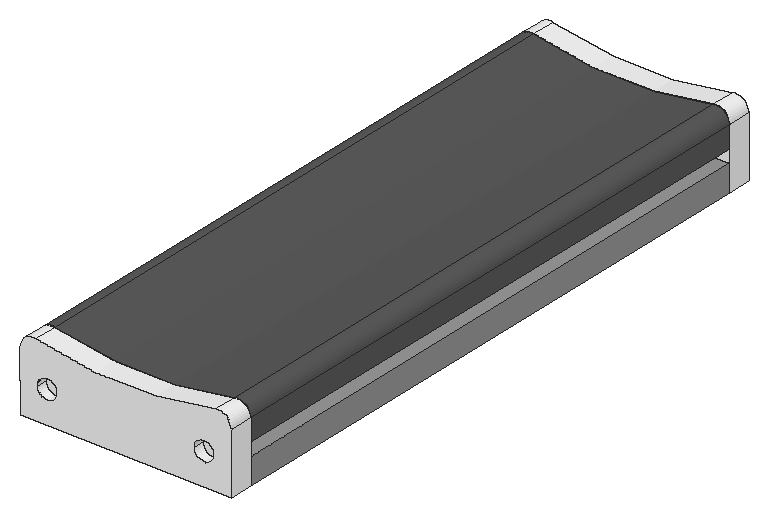
Revit family "JC KONTAKTER JCK118 FI", category Specialty Equipment, host Face, Revit 2025
Family settings
  Host = Face
  Round Connector Dimension = Use Diameter
  Part Type = Normal
  Enable Cutting in Views = Yes
  Cut with Voids When Loaded = No
  Maintain Annotation Orientation = Yes
  Shared = No
  Room Calculation Point = No
Parameters (values of type "JCK118")
  Valmistusmaa = "Ruotsi"
  URL = "https://www.jckontakter.fi/produkt/kyynarkytkin/kyynarkytkin-metalli/kyynarkytkin-jck118/"
  Tuotteen paino = "0.408 kg"
  Tekniken tuotekortti = "https://www.jckontakter.fi/wp-content/uploads/sites/4/Tekninen-tuotekortti_JCK118.245_FI-1.pdf"
  Päätypäät = POM Tenac C 4520 (Valkoinen)
  Pienin nimellisvirta = "12V Resistiivinen 6A Induktiivinen L/R 5ms 6A, 24V Resistiivinen 6A Induktiivinen L/R 5ms 5A"
  Nimellisestä nimellisvirrasta = "1mA/4 V DC"
  Model = "JCK118"
  Mikrokytkin = "Standar NO IP67"
  Mikrokytkimien määrä = 2
  Manufacturer = "JC Kontakter"
  Kansi = Aluminum ENAW 6060 (Musta)
  Description = "Vandaalinkestävä laajapintainen painike, jossa on kovera painopinta. Valmistettu mustaksi anodisoidusta alumiinista ja varustettu valkoisilla päätykappaleilla. Sisältää kaksinkertaiset kosteussuojatut mikrokytkimet, joiden suojausluokitus on IP67. Sopii vaativiin ympäristöihin sekä sisä- että ulkokäyttöön."
  Default Elevation = 800 mm
  Kotelo = Aluminum ENAW 6060
  CE asiakirja = "https://jckontakter.se/wp-content/uploads/CE_Dokument.pdf"
Reference planes
  plane 1 "Center (Front/Back)": y = 0
  plane 2: z = 0
  plane 3 "Center (Left/Right)": x = 0
  plane 4 "A": y = -122.5
Lines and regions (mm)
  symbolic lines
    curve 1: line (-50, 0, 50) -> (50, 0, 50)
    curve 2: line (-50, 0, 0) -> (-50, 0, 50)
    curve 3: line (50, 0, 0) -> (-50, 0, 0)
    curve 4: line (50, 0, 50) -> (50, 0, 0)
    curve 5: line (-40, 117.5, 0) -> (40, 117.5, 0)
    curve 6: line (-40, -122.5, 0) -> (-40, 117.5, 0)
    curve 7: line (40, -122.5, 0) -> (-40, -122.5, 0)
    curve 8: line (40, 117.5, 0) -> (40, -122.5, 0)
Text (mm)
  text "Poista tämä tunniste ennen käyttöä.\n\nSijoitusohjeet:\n\n1. Lataa projektiin.\n2. Vie kursori sen pinnan päälle, johon perhe tullaan sijoittamaan.\n3. Jos perhe näkyy kiertyneenä, valitse asetus \"kierrä sijoittamisen jälkeen\".\n4. Napsauta haluttua pintaa.\n5. Kirjoita haluttu kulma.\n6. Paina Enter." at (123.173, 1072.34, 0), in view "Ref. Level"
Dimensions and locks
  aligned and locked: plane 2 to host face
  aligned and locked: level to host face
Nested families
  nested 1: "AK_118" at (0, -122.5, 0) x (1, 0, 0) z (0, 1, 0), type "AK_118"
Definition of nested family "AK_118"
  Parameters (values of type "AK_118")
    URL = "https://jckontakter.se/produkt/armbagskontakter-metall/armbagskontakt-i-aluminium-jck118/"
    Model = "JCK118"  # constant formula
    Manufacturer = "JC Kontakter"  # constant formula
    Lid Finish = none
    End Cap Finish = none
    Description = "JCK118 är en tålig armbågskontakt i aluminium med svarteloxerad yta. Med sina vita endcaps ger modellen maximal kontrastering i de flesta miljöer.\r\nModellen är främst avsedd för bruk utomhus, och passar bra i krävande miljöer. JCK118 levereras med 2st mikrobrytare i IP67."  # constant formula
    Default Elevation = 1219.2 mm
    Core Finish = none
  Reference planes
    plane 1 "Center (Front/Back)": y = 0
    plane 2: z = 0
    plane 3 "Center (Left/Right)": x = 0
    plane 4 "1": x = 40
    plane 5 "A": z = 9
    plane 6 "B": z = 236
    plane 7: y = -17.83
  Forms (mm)
    Extrusion 1, solid, material <- "Core Finish"
      sketch origin (40, 0, 9) x (1, 0, 0) y (0, 1, 0)
        loop
          line (-80, 0) -> (-80, -10) -> (-73.2, -10) -> (-73.2, -15) -> (-6, -15) -> (-6, -10) -> (0, -10) -> (0, 0) -> (-80, 0)
      from 0 to 227
    Extrusion 2, solid, material <- "Lid Finish"
      sketch origin (-40, 0, 9) x (-1, 0, 0) y (0, -1, 0)
        loop
          line (-6.8, 17.58) -> (-6.8, 15) -> (0, 15) -> (0, 23)
          arc (0, 23) -> (-1.864, 26.894) -> (-6.066, 27.885) r 5
          arc (-6.066, 27.885) -> (-40, 24) -> (-73.934, 27.885) r 150.141
          arc (-73.934, 27.885) -> (-78.136, 26.894) -> (-80, 23) r 5
          line (-80, 23) -> (-80, 15) -> (-74, 15) -> (-74, 17.58) -> (-6.8, 17.58)
      from 0 to 227
    Extrusion 3, solid, material <- "End Cap Finish"
      sketch origin (-40, 0, 0) x (1, 0, 0) y (0, 1, 0)
        loop
          arc (0, -23) -> (1.864, -26.894) -> (6.066, -27.885) r 5
          arc (6.066, -27.885) -> (40, -24) -> (73.934, -27.885) r 150.141
          arc (73.934, -27.885) -> (78.136, -26.894) -> (80, -23) r 5
          line (80, -23) -> (80, 0) -> (0, 0) -> (0, -23)
      from 0 to 9
    Extrusion 4, void
      sketch origin (0, 0, 0) x (1, 0, 0) y (0, 1, 0)
        loop
          circle (-29.75, -12.25) r 3.75
        loop
          circle (29.75, -12.25) r 3.75
      from 0 to 4
    Extrusion 5, solid, material <- "End Cap Finish"
      sketch origin (0, 0, 236) x (-1, 0, 0) y (0, -1, 0)
        loop
          arc (40, 23) -> (38.136, 26.894) -> (33.934, 27.885) r 5
          arc (33.934, 27.885) -> (0, 24) -> (-33.934, 27.885) r 150.141
          arc (-33.934, 27.885) -> (-38.136, 26.894) -> (-40, 23) r 5
          line (-40, 23) -> (-40, 0) -> (40, 0) -> (40, 23)
      from 0 to 9
  Cuts and joins
    Extrusion 4 cuts Extrusion 3
  Dimensions and locks
    aligned and locked: level to plane 2
